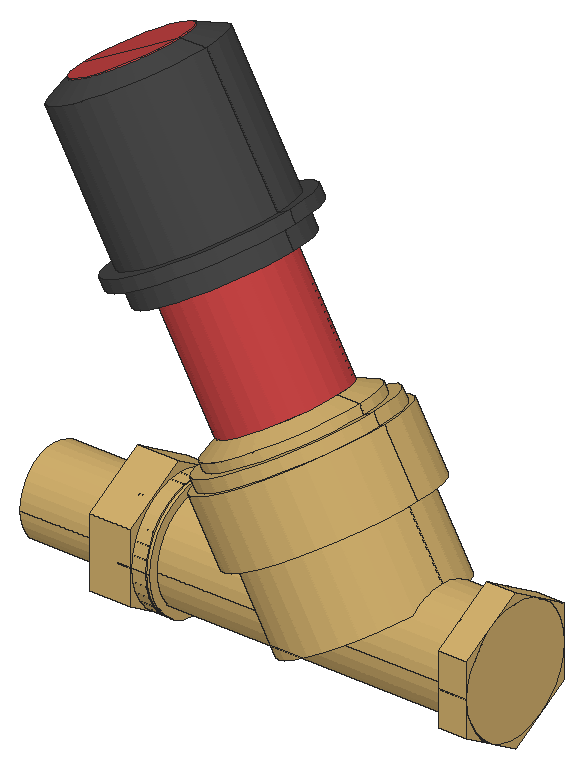
Revit family "AVDO_DN15-25_Straight_RFA_1", category Pipe Accessories, Revit 2019
Family settings
  Round Connector Dimension = Use Diameter
  Part Type = Valve - Breaks Into
  OmniClass Number = 23.65.55.14.17
  OmniClass Title = Adjusting/Controlling Valves for Liquid Services
  Work Plane-Based = No
  Always vertical = Yes
  Cut with Voids When Loaded = No
  Shared = No
Parameters (values of type "AVDO_DN15_Straight_Tailpiece_003L6018")
  Valve Body Material = Danfoss Brass
  URL = "https://store.danfoss.com/en/Climate-Solutions-for-heating/Radiator-Thermostats/Other-products-for-radiator-thermostats/Automatic-Bypass-Controls/AVDO/c/CFH_5067568?q=%3Arelevance%3Adanfoss_a223339155%3AA223_3391558c5e50fab3748e9c53a6863b3dce1401&text="
  Setting Range = "0.05 - 0.5 bar"  # constant formula
  OD_L1 = -OD_L  # -7 mm
  OD_L = 7 mm
  OD = 30 mm
  Nominal Pressure = "PN 10"  # constant formula
  Model Type = "AVDO_DN15_Straight_Internal_External"
  Model = "003L6018"
  Max Medium Temperature = "120 °C"  # constant formula
  Max Leakage at Closed Valve = "50 l/h"  # constant formula
  Max Differential Pressure = "0.5 bar"  # constant formula
  Manufacturer = "Danfoss"  # constant formula
  L3 = D5_L + L1  # 115 mm
  L2 = 35 mm
  L1 = 87 mm
  L = if(D7 < 10 mm, L3, L3 + D4_L1 - D5_L + (2 * D7_L))  # 115 mm
  Int_Ext = if(D5_L = 0 mm, 1 = 0, 1 = 1)  # yes
  IfcExportType = "AVDO"  # constant formula
  IfcExportAs = "IfcValveType"  # constant formula
  Fittings = if(D7 < 10 mm, 1 = 0, 1 = 1)  # no
  Description = "Automatic Bypass Control Valve"  # constant formula
  D8 = 5 mm
  D7_L = 1 mm
  D7 = 5 mm
  D6_L = 8 mm
  D6 = 30 mm
  D5_L = 28 mm
  D5 = 21 mm
  D4_L2 = 3.244 mm
  D4_L1 = 7 mm
  D4 = 30 mm
  D3_2 = 24 mm
  D2_2 = 20.879 mm
  D1 = 26 mm
  D = 15 mm
  Connection = "ISO 7/1"
  A_H1 = 20 mm
  A_H = 36.465 mm
  A = 30.00°
Types (10, lengths in mm): name | OD_L1 | OD_L | OD | Model Type | Model | L3 | L2 | L1 | L | Int_Ext | Fittings | D8 | D7_L | D7 | D6_L | D6 | D5_L | D5 | D4_L2 | D4_L1 | D4 | D3_2 | D2_2 | D1 | D | Connection | A_H1 | A_H
  (no name) | -7 | 7 | 30 | "AVDO_DN15_Straight_Internal_External" | "003L6018" | 115 | 35 | 87 | 115 | yes | no | 5 | 1 | 5 | 8 | 30 | 28 | 21 | 3.244 | 7 | 30 | 24 | 20.879 | 26 | 15 | "ISO 7/1" | 20 | 36.465
  AVDO_DN25_Straight_External_003L6030 | -14 | 14 | 42 | "AVDO_DN25_Straight_External" | "003L6030" | 106 | 45 | 106 | 106 | no | no | 5 | 1 | 5 | 8 | 30 | 0 | 21.707 | 3.244 | 7 | 30.311 | 25 | 26 | 40 | 25 | "ISO 228/1" | 40 | 43
  AVDO_DN20_Straight_External_003L6025 | -11.5 | 11.5 | 33.4 | "AVDO_DN20_Straight_External" | "003L6025" | 93 | 38 | 93 | 93 | no | no | 5 | 1 | 5 | 8 | 30 | 0 | 21.707 | 3.244 | 7 | 30.311 | 24 | 21 | 32 | 20 | "ISO 228/1" | 20 | 36.5
  AVDO_DN15_Straight_External_003L6020 | -9 | 9 | 26.4 | "AVDO_DN15_Straight_External" | "003L6020" | 87 | 35 | 87 | 87 | no | no | 5 | 1 | 5 | 8 | 30 | 0 | 21.707 | 3.244 | 7 | 30.311 | 24 | 20.879 | 26 | 15 | "ISO 228/1" | 20 | 36.465
  AVDO_DN15_Straight_Tailpiece_003L6018 | -7 | 7 | 30 | "AVDO_DN15_Straight_Internal_External" | "003L6018" | 115 | 35 | 87 | 115 | yes | no | 5 | 1 | 5 | 8 | 30 | 28 | 21 | 3.244 | 7 | 30 | 24 | 20.879 | 26 | 15 | "ISO 7/1" | 20 | 36.465
  AVDO_DN20_Straight_Tailpiece_003L6023 | -11.5 | 11.5 | 33.4 | "AVDO_DN20_Straight_Internal_External" | "003L6023" | 125.5 | 38 | 93 | 125.5 | yes | no | 5 | 1 | 5 | 8 | 37 | 32.5 | 26.5 | 3.244 | 10 | 37 | 24 | 21 | 32 | 20 | "ISO 7/1" | 20 | 36.5
  AVDO_DN25_Straight_Tailpiece_003L6028 | -13 | 13 | 42 | "AVDO_DN25_Straight_Tailpiece" | "003L6028" | 142 | 45 | 106 | 142 | yes | no | 5 | 1 | 5 | 7 | 30 | 36 | 33 | 9.5 | 9.5 | 46 | 25 | 26 | 40 | 25 | "ISO 7/1" | 40 | 43
  AVDO_DN25_Straight_Fittings_003L6128 | -17.5 | 17.5 | 30 | "AVDO_DN25_Straight_Fittings" | "003L6128" | 106.5 | 45 | 106 | 148 | yes | yes | 45 | 20.5 | 32 | 8 | 30 | 0.5 | 21.707 | 17.5 | 1 | 46 | 25 | 26 | 40 | 25 | "Threaded" | 40 | 43
  AVDO_DN20_Straight_Fittings_003L6122 | -16 | 16 | 33.4 | "AVDO_DN20_Straight_Fittings" | "003L6122" | 93.5 | 38 | 93 | 128.5 | yes | yes | 36 | 17 | 27 | 8 | 36 | 0.5 | 21.707 | 13.5 | 1.5 | 37 | 24 | 21 | 32 | 20 | "Threaded" | 20 | 36.5
  AVDO_DN15_Straight_Fittings_003L6115 | -12 | 12 | 26.4 | "AVDO_DN15_Straight_Fittings" | "003L6115" | 87.5 | 35 | 87 | 116 | yes | yes | 29 | 14 | 18 | 8 | 30 | 0.5 | 21.707 | 11 | 1 | 30.311 | 24 | 20.879 | 26 | 15 | "Threaded" | 20 | 36.465
Reference planes
  plane 1 "Center (Front/Back)": y = 0
  plane 2: z = 0
  plane 3 "Center (Left/Right)": x = 0
  plane 4 "A": x = -43.5
  plane 5 "B": x = 43.5
  plane 6: z = -13
  plane 7: z = 13
  plane 8: y = -13
  plane 9: y = 13
  plane 10: x = 8.5
  plane 11 "30 Plane A": through (7.851, -1524, -0.375) normal (-0.5, 0, 0.866)
  plane 12 "30 Plane B": through (-76.031, -1524, -6.697) normal (-0.5, 0, 0.866)
  plane 13: through (-95.031, -1524, 26.212) normal (-0.5, 0, 0.866)
  plane 14: through (-80.031, -1524, 0.231) normal (-0.5, 0, 0.866)
  plane 15: through (-117.931, -1524, 65.876) normal (-0.5, 0, 0.866)
  plane 16: through (-118.431, -1524, 66.742) normal (-0.5, 0, 0.866)
  plane 17: through (-67.798, -1524, -20.957) normal (-0.5, 0, 0.866)
  plane 18: x = -71.5
  plane 19: x = -50.5
  plane 20: x = -35.5
  plane 21: x = 44.5
  plane 22: x = -51.5
Forms (mm)
  Extrusion 1, solid, material "Danfoss Brass" <- "Valve Body Material", detail levels fine
    sketch origin (0, 0, 0) x (0, 1, 0) y (0, 0, 1)
      loop
        circle (0, 0) r 13
    from -43.5 to 43.5
  Extrusion 2, solid, material "Danfoss Brass" <- "Valve Body Material", detail levels fine
    sketch origin (-43.5, 0, 0) x (0, 1, 0) y (0, 0, 1)
      loop
        circle (0, 0) r 15
    from 0 to 7 <- "OD_L"
  Extrusion 3, solid, material "Danfoss Brass" <- "Valve Body Material", detail levels fine
    sketch origin (43.5, 0, 0) x (0, 1, 0) y (0, 0, 1)
      loop
        circle (0, 0) r 15
    from 0 to -7 <- "OD_L1"
  Revolve 4, solid, material "Danfoss Brass" <- "Valve Body Material", detail levels fine
    sketch origin (0, 0, 0) x (1, 0, 0) y (0, 0, 1)
      loop
        line (-9.733, 31.58) -> (-28.733, 64.489) -> (-41.463, 57.139) -> (-26.466, 31.163) -> (-29.295, 26.263) -> (-28.195, 24.357) -> (-30.706, 22.907) -> (-29.218, 20.33) -> (-9.733, 31.58)
      axis (-28.733, 64.489) -> (-9.733, 31.58)
    angle from 0 to 360
  Revolve 5, solid, material "Plastic - Danfoss - Black", detail levels fine
    sketch origin (0, 0, 0) x (1, 0, 0) y (0, 0, 1)
      loop
        line (-45.793, 54.639) -> (-28.733, 64.489) -> (-52.068, 104.906) -> (-63.932, 98.056) -> (-67.578, 92.372) -> (-49.893, 61.74) -> (-53.011, 59.94) -> (-51.511, 57.342) -> (-48.393, 59.142) -> (-45.793, 54.639)
      axis (-52.068, 104.906) -> (-28.733, 64.489)
    angle from 0 to 360
  Revolve 6, solid, material "Paper", detail levels fine
    sketch origin (0, 0, 0) x (1, 0, 0) y (0, 0, 1)
      loop
        line (-25.77, 31.558) -> (-40.77, 57.539) -> (-41.636, 57.039) -> (-26.636, 31.058) -> (-25.77, 31.558)
      axis (-28.733, 64.489) -> (-13.733, 38.508)
    angle from 30 to 330
  Revolve 7, solid, material "Paper", detail levels fine
    sketch origin (0, 0, 0) x (1, 0, 0) y (0, 0, 1)
      loop
        line (-51.628, 104.144) -> (-52.133, 105.019) -> (-63.97, 98.184) -> (-63.465, 97.31) -> (-51.628, 104.144)
      axis (-52.133, 105.019) -> (-51.628, 104.144)
    angle from 0 to 360
  Revolve 8, solid, material "Danfoss Brass" <- "Valve Body Material", detail levels fine
    sketch origin (0, 0, 0) x (1, 0, 0) y (0, 0, 1)
      loop
        line (-9.581, -10.439) -> (8.5, 0) -> (-9.733, 31.58) -> (-30.517, 19.58) -> (-22.285, 5.321) -> (-19.581, 6.881) -> (-9.581, -10.439)
      axis (-9.733, 31.58) -> (8.5, 0)
    angle from 0 to 360
  Extrusion 9, solid, material "Danfoss Brass" <- "Valve Body Material", visible <- "Int_Ext", detail levels fine
    sketch origin (43.5, 0, 0) x (0, 1, 0) y (0, 0, 1)
      loop
        line (0, 17.321) -> (-15, 8.66) -> (-15, -8.66) -> (0, -17.321) -> (15, -8.66) -> (15, 8.66) -> (0, 17.321)
    from 0 to -7 <- "OD_L1"
  Extrusion 10, solid, material "Danfoss Brass" <- "Valve Body Material", visible <- "Int_Ext", detail levels fine
    sketch origin (-43.5, 0, 0) x (0, 1, 0) y (0, 0, 1)
      loop
        line (0, 17.321) -> (-15, 8.66) -> (-15, -8.66) -> (0, -17.321) -> (15, -8.66) -> (15, 8.66) -> (0, 17.321)
    from 3.244 <- "D4_L2" to -7
  Extrusion 11, solid, material "Danfoss Brass" <- "Valve Body Material", visible <- "Int_Ext", detail levels fine
    sketch origin (43.5, 0, 0) x (0, 1, 0) y (0, 0, 1)
      loop
        circle (0, 0) r 10.5
    from -115 to -94
  Extrusion 12, solid, material "Danfoss Brass" <- "Valve Body Material", visible <- "Int_Ext", detail levels fine
    sketch origin (43.5, 0, 0) x (0, 1, 0) y (0, 0, 1)
      loop
        circle (0, 0) r 15
    from -87 to -79
  Blend 13, solid, material "Danfoss Brass (Nickel plated)", visible <- "Fittings", detail levels fine
    base sketch origin (43.5, 0, 0) x (0, 1, 0) y (0, 0, 1)
      loop
        circle (0, 0) r 2.5
    top sketch origin (43.5, 0, 0) x (0, 1, 0) y (0, 0, 1)
      loop
        circle (0, 0) r 2.5
    from 0 to 1
  Blend 14, solid, material "Danfoss Brass (Nickel plated)", visible <- "Fittings", detail levels fine
    base sketch origin (43.5, 0, 0) x (0, 1, 0) y (0, 0, 1)
      loop
        circle (0, 0) r 2.5
    top sketch origin (43.5, 0, 0) x (0, 1, 0) y (0, 0, 1)
      loop
        circle (0, 0) r 2.5
    from -94 to -95
Cuts and joins
  joined: Extrusion 1, Extrusion 2, Extrusion 3
Lines and regions (mm)
  reference lines
    curve 1: line (8.5, 0, 0) -> (-59, 0, 116.913)
Dimensions and locks
  equal spacing: plane 5 "B", plane 3 "Center (Left/Right)", plane 4 "A"
  equal spacing: plane 7, level, plane 6
  "D1": plane 7 to plane 6
  equal spacing: plane 8, plane 1 "Center (Front/Back)", plane 9
  "D1": plane 8 to plane 9
  "L2": plane 5 "B" to plane 10
  "A_H": plane 12 "30 Plane B" to plane 11 "30 Plane A"
  Revolve 4 sketch curve to Revolve 4 sketch curve = 14.7 mm
  Revolve 4 sketch curve to Revolve 4 sketch curve = 29.995 mm
  Revolve 4 sketch curve to Revolve 4 sketch curve = 2.2 mm
  Revolve 4 sketch curve to Revolve 4 sketch curve = 2.976 mm
  Revolve 6 sketch curve to Revolve 6 sketch curve = 30 mm
  Revolve 7 sketch curve to Revolve 7 sketch curve = 1.01 mm
  Revolve 6 sketch curve to Revolve 6 sketch curve = 1 mm
  Revolve 4 to Revolve 6 sketch curve = 0.8 mm
  Revolve 4 sketch curve to Revolve 4 sketch curve = 22.5 mm
  Revolve 4 sketch curve to Revolve 4 sketch curve = 2.9 mm
  locked: plane 13 to plane 12 "30 Plane B" at 38
  Revolve 4 sketch curve to Revolve 4 sketch curve = 5.658 mm
  locked: plane 14 to plane 12 "30 Plane B" at 8
  locked: plane 15 to plane 13 at 45.8
  locked: plane 16 to plane 15 at 1
  "D3_2": Revolve 8 sketch curve to Revolve 8 sketch curve
  "D2_2": Revolve 8 sketch curve to Revolve 8 sketch curve
  "A_H1": plane 17 to plane 11 "30 Plane A"
  Revolve 5 sketch curve to Revolve 5 sketch curve = 19.7 mm  (x2)
  Revolve 5 sketch curve to Revolve 5 sketch curve = 5.2 mm
  Revolve 5 sketch curve to Revolve 5 sketch curve = 3 mm
  Revolve 5 sketch curve to Revolve 5 sketch curve = 38.47 mm
  Revolve 5 sketch curve to Revolve 5 sketch curve = 3.6 mm
  Revolve 5 sketch curve to Revolve 5 sketch curve = 13.7 mm
  Revolve 7 sketch curve to Revolve 7 sketch curve = 13.669 mm
  equal spacing: Extrusion 9 sketch curve, plane 1 "Center (Front/Back)", Extrusion 9 sketch curve
  equal spacing: Extrusion 9 sketch curve, curve 1, Extrusion 9 sketch curve  (x2)
  "D4": Extrusion 9 sketch curve to Extrusion 9 sketch curve  (x3)
  "D4_L1": plane 4 "A" to plane 19
  "D5_L": plane 4 "A" to plane 18
  "L3": plane 5 "B" to plane 18
  "D6_L": plane 20 to plane 4 "A"
  "D7_L": plane 21 to plane 5 "B"
  "D7_L": plane 19 to plane 22
  plane 21 to plane 22 = 96 mm
  "D1": diameter of Extrusion 1 sketch curve
  "OD": diameter of Extrusion 2 sketch curve
  "D5": diameter of Extrusion 11 sketch curve
  "D6": diameter of Extrusion 12 sketch curve
  "D8": diameter of Blend 13 sketch curve
  "D7": diameter of Blend 13 sketch curve
  "D8": diameter of Blend 14 sketch curve
  "D7": diameter of Blend 14 sketch curve
  angle Revolve 4 sketch curve to Revolve 4 sketch curve = 60.00°
  locked: level to plane 11 "30 Plane A" (angle 30.00°)
  angle plane 10 to curve 1 = 30.00°
  angle plane 11 "30 Plane A" to curve 1 = 90.00°
  angle Extrusion 9 sketch curve to Extrusion 9 sketch curve = 120.00°  (x3)
  aligned and locked: level to plane 2
  aligned and locked: Extrusion 1 to plane 4 "A"
  aligned and locked: plane 5 "B" to Extrusion 1
  aligned and locked: Extrusion 3 sketch curve to Extrusion 2  (x2)
  aligned and locked: Revolve 7 sketch curve to Revolve 7 sketch curve  (x2)
  aligned and locked: Revolve 4 sketch curve to plane 13
  aligned and locked: plane 12 "30 Plane B" to Revolve 4 sketch curve
  aligned and locked: Revolve 6 sketch curve to plane 13
  aligned and locked: Revolve 6 to plane 14
  aligned and locked: Revolve 7 sketch curve to plane 16
  aligned and locked: plane 11 "30 Plane A" to curve 1
  aligned and locked: level to curve 1
  aligned and locked: Revolve 8 sketch curve to plane 11 "30 Plane A"
  aligned and locked: Revolve 8 sketch curve to plane 12 "30 Plane B"
  aligned and locked: Revolve 8 sketch curve to Revolve 8 sketch curve  (x2)
  aligned and locked: plane 17 to Revolve 8 sketch curve
  aligned and locked: Revolve 4 sketch curve to curve 1
  aligned and locked: Revolve 4 sketch curve to Revolve 4 sketch curve
  aligned and locked: Revolve 6 sketch curve to curve 1
  aligned and locked: Revolve 5 sketch curve to curve 1
  aligned and locked: curve 1 to Revolve 5 sketch curve
  aligned and locked: Revolve 7 sketch curve to curve 1
  aligned and locked: plane 4 "A" to nested 1
  aligned and locked: Extrusion 10 sketch curve to Extrusion 9  (x6)
  aligned and locked: Extrusion 11 to Extrusion 10
  aligned and locked: Extrusion 10 to plane 19
  aligned and locked: Extrusion 12 to plane 4 "A"
  aligned and locked: plane 20 to Extrusion 12
  aligned and locked: plane 4 "A" to Extrusion 12
  aligned and locked: Extrusion 11 to plane 18
  aligned and locked: plane 21 to Blend 13
  aligned and locked: Blend 14 to plane 22
  aligned and locked: Blend 14 to Extrusion 10
Automatic sketch dimensions
  Extrusion 3 sketch curve to level = 0 mm  (x2)
  Revolve 6 sketch curve to Revolve 6 sketch curve = 8.886 mm
  Revolve 6 sketch curve to Revolve 6 sketch curve = 8.553 mm
  Revolve 4 sketch curve to Revolve 4 sketch curve = 6.024 mm
  Revolve 4 sketch curve to Revolve 4 sketch curve = 1.914 mm
  plane 16 to Revolve 5 sketch curve = 0 mm
  plane 13 to Revolve 5 sketch curve = 0 mm  (x2)
  Revolve 5 sketch curve to Revolve 5 sketch curve = 3.646 mm
  Revolve 7 sketch curve to plane 4 "A" = 4.833 mm
  Extrusion 1 sketch curve to level = 0 mm
  Extrusion 1 sketch curve to plane 1 "Center (Front/Back)" = 0 mm
  Extrusion 2 sketch curve to level = 0 mm  (x3)
  Extrusion 2 sketch curve to plane 1 "Center (Front/Back)" = 0 mm
  Revolve 8 sketch curve to level = 0 mm  (x2)
  Extrusion 11 sketch curve to level = 0 mm
  Extrusion 11 sketch curve to plane 1 "Center (Front/Back)" = 0 mm
  Extrusion 12 sketch curve to level = 0 mm
  Extrusion 12 sketch curve to plane 1 "Center (Front/Back)" = 0 mm
  Blend 13 sketch curve to level = 0 mm  (x2)
  Blend 13 sketch curve to plane 1 "Center (Front/Back)" = 0 mm  (x2)
  Blend 14 sketch curve to level = 0 mm  (x2)
  Blend 14 sketch curve to plane 1 "Center (Front/Back)" = 0 mm  (x2)
Nested families
  nested 1: "Schematic_Bypass valve" at (0, 0, 0), type "Schematic_Bypass valve", detail levels coarse+medium
Connectors
  piping at (43.5, 0, 0), diameter 15, driven by "D"
    settings: on cut or joined group of Extrusion 1, Extrusion 2, Extrusion 3, index 1, connector inside diameter 609.6 mm, connector length 0 mm, flow factor 0, pipe flow 0.0 L/s, pressure drop 0.0 Pa, fitting loss kfactor 0, connector angle 0.00°, fixture units 0, engagement length 0 mm, angle of deflection 0.00°, flow configuration 0, flow direction 1, fitting loss method 0, system type 7, joint type 0, gender type 0, connector reference index 2, connector utility 0, adjustable connector no, is connector primary yes, connector description ""
  piping at (-43.5, 0, 0), diameter 15, driven by "D"
    settings: on cut or joined group of Extrusion 1, Extrusion 2, Extrusion 3, index 2, connector inside diameter 609.6 mm, connector length 0 mm, flow factor 0, pipe flow 0.0 L/s, pressure drop 0.0 Pa, fitting loss kfactor 0, connector angle 0.00°, fixture units 0, engagement length 0 mm, angle of deflection 0.00°, flow configuration 0, flow direction 2, fitting loss method 0, system type 7, joint type 0, gender type 0, connector reference index 1, connector utility 0, adjustable connector no, is connector primary no, connector description ""
Definition of nested family "Schematic_Bypass valve"
  Parameters (values of type "Schematic_Manual balancing valve")
    L1 = L / 2  # 32.5 mm
    L = 65 mm
    H = 60 mm
    D = 25.981 mm
  Reference planes
    plane 1 "Center (Front/Back)": y = 0
    plane 2: z = 0
    plane 3 "Center (Left/Right)": x = 0
    plane 4: y = 47.01
    plane 5: y = -12.99
    plane 6: x = -32.5
    plane 7: x = 32.5
    plane 8: y = 12.99
    plane 9: x = -16.25
    plane 10: x = 16.25
    plane 11: z = 12.99
    plane 12: z = -12.99
    plane 13: z = 47.01
  Lines and regions (mm)
    model lines
      curve 1: line (-32.5, 0, 12.99) -> (-32.5, 0, -12.99)
      curve 2: line (-32.5, 0, -12.99) -> (0, 0, 0)
      curve 3: line (0, 0, 0) -> (-32.5, 0, 12.99)
      curve 4: line (32.5, 0, 12.99) -> (0, 0, 0)
      curve 5: line (32.5, 0, -12.99) -> (0, 0, 0)
      curve 6: line (32.5, 0, -12.99) -> (32.5, 0, 12.99)
      curve 7: line (0, 0, 0) -> (0, 0, 47.01)
      curve 8: line (-16.25, 0, 47.01) -> (16.25, 0, 47.01)
      curve 19: arc (16.25, 0, 47.01) -> (0, 0, 63.26) -> (-16.25, 0, 47.01) r 16.25
    symbolic lines
      curve 9: line (-32.5, 12.99, 0) -> (-32.5, -12.99, 0)
      curve 10: line (-32.5, -12.99, 0) -> (0, 0, 0)
      curve 11: line (-32.5, 12.99, 0) -> (0, 0, 0)
      curve 12: line (32.5, 12.99, 0) -> (0, 0, 0)
      curve 13: line (32.5, -12.99, 0) -> (0, 0, 0)
      curve 14: line (32.5, -12.99, 0) -> (32.5, 12.99, 0)
      curve 15: line (0, 0, 0) -> (0, 47.01, 0)
      curve 16: line (-16.25, 47.01, 0) -> (16.25, 47.01, 0)
      curve 17: line (-16.25, -6.495, 0) -> (-16.25, -12.99, 0)
      curve 18: line (16.25, -6.495, 0) -> (16.25, -12.99, 0)
      curve 20: arc (16.25, 47.01, 0) -> (0, 63.26, 0) -> (-16.25, 47.01, 0) r 16.25
  Dimensions and locks
    "H": plane 5 to plane 4
    equal spacing: plane 6, plane 3 "Center (Left/Right)", plane 7
    equal spacing: plane 5, plane 1 "Center (Front/Back)", plane 8
    equal spacing: plane 9, plane 3 "Center (Left/Right)", plane 10
    equal spacing: plane 11, level, plane 12
    "H": plane 13 to plane 12
    "D": plane 5 to plane 8
    "L1": plane 9 to plane 10
    "D": plane 11 to plane 12
    "L": plane 6 to plane 7
    aligned and locked: level to plane 2
    aligned and locked: plane 7 to curve 6
    aligned and locked: plane 9 to curve 19
    aligned and locked: plane 10 to curve 19
    aligned and locked: plane 9 to curve 20
    aligned and locked: plane 10 to curve 20
  Automatic sketch dimensions
    curve 1 to plane 6 = 0 mm
    curve 7 to level = 0 mm
    curve 7 to plane 3 "Center (Left/Right)" = 0 mm
    curve 1 to plane 12 = 0 mm
    curve 6 to plane 12 = 0 mm
    curve 3 to plane 11 = 0 mm
    curve 6 to plane 11 = 0 mm
    curve 8 to plane 13 = 0 mm
    plane 5 to curve 9 = 0 mm
    curve 9 to plane 6 = 0 mm
    plane 5 to curve 17 = 0 mm
    curve 17 to plane 9 = 0 mm
    plane 4 to curve 16 = 0 mm
    curve 15 to plane 3 "Center (Left/Right)" = 0 mm
    plane 5 to curve 18 = 0 mm
    curve 18 to plane 10 = 0 mm
    plane 5 to curve 14 = 0 mm
    curve 14 to plane 7 = 0 mm
    plane 1 "Center (Front/Back)" to curve 12 = 0 mm
    plane 8 to curve 11 = 0 mm
    plane 8 to curve 12 = 0 mm
